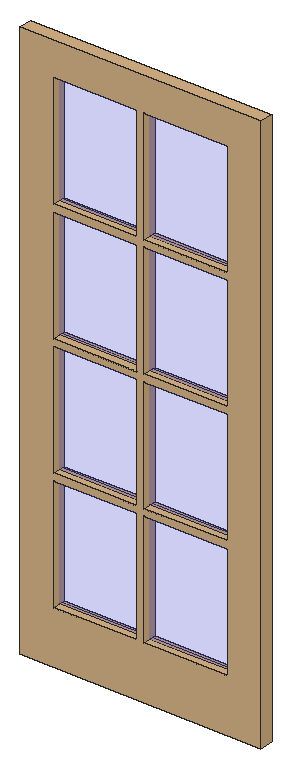
Revit family "0061_M_DR_W_single-glass 2_no trim", category 문, Revit 2026
Family settings
  호스트 = 벽
  항상 수직 = 예
  로드될 때 보이드를 사용하여 절단 = 아니오
  공유 = 아니오
  룸 계산 점 = 아니오
Parameters (values of type "36" x 84"")
  두께 = 0' - 2"
  조합 코드 = "C1020"
  기능 = 내부
  Door Material = Door - Panel
  Frame Material = Door - Frame
  Height = 7' - 0"
  Muntin = 0' - 1"
  Stile Width = 0' - 5"
  벽 마무리 = 호스트별
  Width = 3' - 0"
Types (8): name | 두께 | 조합 코드 | Height | Muntin | Stile Width | Width
  36" x 84" | 0' - 2" | "C1020" | 7' - 0" | 0' - 1" | 0' - 5" | 3' - 0"
  34" x 84" | 0' - 2" | "C1020" | 7' - 0" | 0' - 3" | 0' - 5" | 2' - 10"
  32" x 84" | 0' - 2" | "C1020" | 7' - 0" | 0' - 3" | 0' - 5" | 2' - 8"
  30" x 84" | 0' - 2" | "C1020" | 7' - 0" | 0' - 3" | 0' - 5" | 2' - 6"
  30" x 80" | 0' - 2" | "C1020" | 6' - 8" | 0' - 3" | 0' - 5" | 2' - 6"
  36" x 80" | 0' - 2" | "C1020" | 6' - 8" | 0' - 3" | 0' - 5" | 3' - 0"
  34" x 80" | 0' - 2" | "C1020" | 6' - 8" | 0' - 3" | 0' - 5" | 2' - 10"
  0915 x 2134mm | 0' - 1 31/32" | 0' - 0" | 7' - 0 1/64" | 0' - 2 61/64" | 0' - 4 59/64" | 3' - 0 3/128"
Reference planes (in)
  plane 1: y = 0
  plane 2: z = 0
  plane 3: x = 1
  plane 4: x = -17
  plane 5: x = 19
  plane 6: z = 84
  plane 7: x = 0.5
  plane 8: x = 1.5
  plane 9: x = -12
  plane 10: x = 14
  plane 11: z = 44
  plane 12: z = 62
  plane 13: z = 61
  plane 14: z = 43
  plane 15: z = 26
  plane 16: z = 25
  plane 17: z = 79
  plane 18: z = 8
  plane 19: z = 80
Forms (in)
  Extrusion 1, solid, material "Glass"
    sketch origin (0, 0.5, 0) x (1, 0, 0) y (0, 0, 1)
      loop
        line (-12, 79) -> (-12, 62) -> (0.5, 62) -> (0.5, 79) -> (-12, 79)
      loop
        line (1.5, 79) -> (1.5, 62) -> (14, 62) -> (14, 79) -> (1.5, 79)
      loop
        line (1.5, 61) -> (1.5, 44) -> (14, 44) -> (14, 61) -> (1.5, 61)
      loop
        line (-12, 61) -> (-12, 44) -> (0.5, 44) -> (0.5, 61) -> (-12, 61)
      loop
        line (-12, 43) -> (-12, 26) -> (0.5, 26) -> (0.5, 43) -> (-12, 43)
      loop
        line (1.5, 43) -> (1.5, 26) -> (14, 26) -> (14, 43) -> (1.5, 43)
      loop
        line (1.5, 25) -> (1.5, 8) -> (14, 8) -> (14, 25) -> (1.5, 25)
      loop
        line (-12, 25) -> (-12, 8) -> (0.5, 8) -> (0.5, 25) -> (-12, 25)
    from -1.5 to -1
  Extrusion 2, solid, material "Door - Panel" <- "Door Material"
    sketch origin (-60, -2.5, 0) x (1, 0, 0) y (0, 0, 1)
      loop
        line (43, 84) -> (43, 0) -> (79, 0) -> (79, 84) -> (43, 84)
      loop
        line (48, 79) -> (48, 62) -> (60.5, 62) -> (60.5, 79) -> (48, 79)
      loop
        line (61.5, 79) -> (61.5, 62) -> (74, 62) -> (74, 79) -> (61.5, 79)
      loop
        line (48, 61) -> (48, 44) -> (60.5, 44) -> (60.5, 61) -> (48, 61)
      loop
        line (61.5, 61) -> (61.5, 44) -> (74, 44) -> (74, 61) -> (61.5, 61)
      loop
        line (48, 43) -> (48, 26) -> (60.5, 26) -> (60.5, 43) -> (48, 43)
      loop
        line (61.5, 43) -> (61.5, 26) -> (74, 26) -> (74, 43) -> (61.5, 43)
      loop
        line (48, 25) -> (48, 8) -> (60.5, 8) -> (60.5, 25) -> (48, 25)
      loop
        line (61.5, 25) -> (61.5, 8) -> (74, 8) -> (74, 25) -> (61.5, 25)
    from -5 to -3
Lines and regions (in)
  Opening 1
    outline origin (-60, -2.5, 144) x (0, 0, -1) y (1, 0, 0)
      loop
        line (60, 43) -> (144, 43) -> (144, 79) -> (60, 79) -> (60, 43)
  symbolic lines, style "DoorsPanelProjection"
    curve 1: line (19, 2.5, 0) -> (17, 2.5, 0)
    curve 2: line (19, 2.5, 0) -> (19, 38.5, 0)
    curve 3: line (19, 38.5, 0) -> (17, 38.5, 0)
    curve 4: line (17, 2.5, 0) -> (17, 38.5, 0)
  symbolic lines, style "Elevation Swing"
    curve 5: line (-17, -2.5, 84) -> (19, -2.5, 42)
    curve 6: line (19, 2.5, 42) -> (-17, 2.5, 0)
  symbolic lines, style "Plan Swing"
    curve 7: arc (17, 38.5, 0) -> (-7.19266, 27.2779, 0) -> (-17.05551, 2.5, 0) r 36.05551
Dimensions and locks (in)
  equal spacing: plane 4, plane 3, plane 5
  "Width": plane 4 to plane 5
  locked: host wall to curve 1
  control icon elem to plane 5 = 0' - 11"
  "Height": plane 6 to plane 2
  equal spacing: plane 6, curve 5, level
  "Stile Width": plane 4 to plane 9
  "Stile Width": plane 10 to plane 5
  "Muntin": plane 12 to plane 13
  "Muntin": plane 11 to plane 14
  "Muntin": plane 15 to plane 16
  "Muntin": plane 7 to plane 8
  "두께": curve 4 to plane 5
  host wall to Extrusion 2 = 0' - 0"
  equal spacing: plane 19, plane 12, plane 11, plane 15, plane 18
  locked: plane 18 to host wall at 8
  "Muntin": plane 19 to plane 17
  equal spacing: plane 7, plane 3, plane 8
  "두께": Extrusion 2 to host wall
  Extrusion 2 to Extrusion 1 = 0' - 1"
  locked: Extrusion 1 to Extrusion 1 at 0.5
  "Stile Width": plane 6 to plane 17
  aligned and locked: plane 6 to curve 5
  aligned and locked: Extrusion 2 sketch curve to Extrusion 1  (x2)
  aligned and locked: host wall to Extrusion 2
  aligned and locked: level to plane 2
  aligned and locked: plane 17 to Extrusion 1 sketch curve
  aligned and locked: plane 12 to Extrusion 1 sketch curve  (x2)
  aligned and locked: plane 13 to Extrusion 1 sketch curve  (x2)
  aligned and locked: plane 11 to Extrusion 1 sketch curve  (x2)
  aligned and locked: plane 14 to Extrusion 1 sketch curve  (x2)
  aligned and locked: plane 15 to Extrusion 1 sketch curve  (x2)
  aligned and locked: plane 16 to Extrusion 1 sketch curve  (x2)
  aligned and locked: Extrusion 1 sketch curve to Extrusion 1 sketch curve
  aligned and locked: plane 9 to Extrusion 1 sketch curve  (x4)
  aligned and locked: plane 10 to Extrusion 1 sketch curve  (x4)
Automatic sketch dimensions
  Opening 1 sketch curve to plane 6 = 0' - 0"
  Opening 1 sketch curve to level = 0' - 0"
  Opening 1 sketch curve to plane 4 = 0' - 0"
  Opening 1 sketch curve to plane 5 = 0' - 0"
  Extrusion 2 sketch curve to plane 4 = 0' - 0"
  Extrusion 2 sketch curve to plane 9 = 0' - 0"  (x4)
  Extrusion 2 sketch curve to plane 7 = 0' - 0"  (x4)
  Extrusion 2 sketch curve to plane 8 = 0' - 0"  (x4)
  Extrusion 2 sketch curve to plane 10 = 0' - 0"  (x4)
  Extrusion 2 sketch curve to level = 0' - 0"
  Extrusion 2 sketch curve to plane 5 = 0' - 0"
  Extrusion 2 sketch curve to plane 16 = 0' - 0"  (x2)
  Extrusion 2 sketch curve to plane 15 = 0' - 0"  (x2)
  Extrusion 2 sketch curve to plane 14 = 0' - 0"  (x2)
  Extrusion 2 sketch curve to plane 11 = 0' - 0"  (x2)
  Extrusion 2 sketch curve to plane 13 = 0' - 0"  (x2)
  Extrusion 2 sketch curve to plane 12 = 0' - 0"  (x2)
  Extrusion 2 sketch curve to plane 17 = 0' - 0"  (x2)
  Extrusion 2 sketch curve to plane 6 = 0' - 0"
  curve 6 to plane 5 = 0' - 0"
  curve 6 to level = 0' - 0"
  curve 6 to plane 4 = 0' - 0"
  curve 5 to plane 4 = 0' - 0"
  Extrusion 1 sketch curve to plane 7 = 0' - 0"  (x4)
  Extrusion 1 sketch curve to plane 8 = 0' - 0"  (x4)
  Extrusion 1 sketch curve to plane 18 = 0' - 0"  (x2)
  curve 1 to plane 5 = 0' - 0"
  curve 7 to plane 5 = 0' - 0"
  plane 4 to curve 7 = 0' - 0.05551"
  curve 7 to host wall = 0' - 0"
  curve 5 to plane 5 = 0' - 0"
  curve 6 to curve 5 = 0' - 0"
